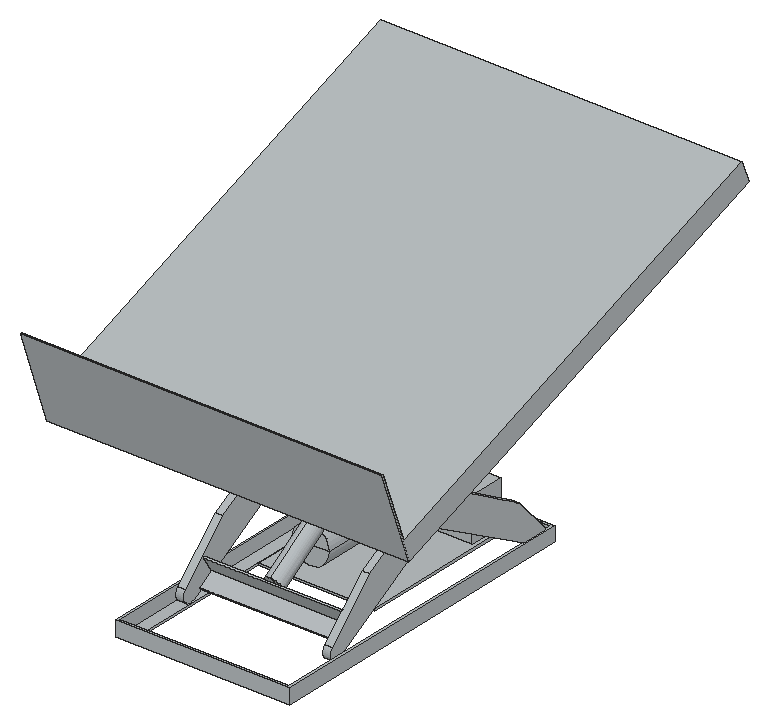
Revit family "DockEquipment_LiftTiltTable_Pentalift_LTNI", category Specialty Equipment, Revit 2026
Family settings
  Round Connector Dimension = Use Diameter
  Part Type = Normal
  Work Plane-Based = Yes
  Enable Cutting in Views = No
  Always vertical = No
  Cut with Voids When Loaded = No
  Maintain Annotation Orientation = No
  Shared = No
  Room Calculation Point = No
Parameters
  offset [instance] = 0' - 0"
  Warranty Duration (Years) = 0
  Unit Width = 2' - 0"
  Unit Length = 4' - 0"
  URL = "http://www.pentalift.com/index.php"
  Table Angle [instance] = 20.00°
  Support Angle [instance] = asin((Platform Height - 0' 3 1/4") / Leg Length)  # 32.7085°
  Specification = ""
  SpecWizard = ""
  Send Message = "http://www.arcat.com/users.pl?action=UserEmail&company=Pentalift Equipment Corp.&coid=34752&rep=119&fax=519-763-2894&mf="
  Sales Information = "http://www.pentalift.com/about-us.htm"
  Revision = "R1_01-2012"
  Product Properties = ""
  Product Data = "http://www.arcat.com/arcatcos/cos34/arc34752.html"
  Platform Width [instance] = 4' - 0"
  Platform Length [instance] = 5' - 0"
  Platform Height [instance] = 2' - 0"
  Model = "As Specified"
  Material [instance] = Metal - Steel - Pentalift - Painted - Gray
  Manufacturer Website = "http://www.pentalift.com/index.php"
  Manufacturer Phone - Toll Free = ""
  Manufacturer Phone = "519-763-3625 "
  Manufacturer Fax = "519-763-2894"
  Manufacturer Address = "21 Nicholas Beaver Rd. Guelph, ON, Canada N1H 6H9 "
  Manufacturer = "Pentalift Equipment Corp."
  Maintenance Schedule (Months) = 0
  LegDist [instance] = Leg Length * cos(Support Angle)  # 2' - 8.31095"
  Leg Length = Unit Length * 0.8  # 3' - 2.4"
  Keynote = "11160"
  Installation-Fabrication = ""
  Installation Phase = ""
  Green Building-LEED = ""
  Expected Lifespan (Years) = 0
  Drawn By = "Sumex Design, Inc. / Robert S. Weygant, CSI, CDT, SCIP"
  Description = "Pentalift Dock Equipment as Specified"
  Default Elevation = 4' - 0"
  Copyright = "©Arcat Inc."
  Construction Details = "http://www.arcat.com/details/pentalif/pentalif.html?coid=34752"
  Capacity (Weight) = 0.00 kip
  Backstop Height = 1' - 0"
  Assembly Code = "E1030300"
Reference planes (in)
  plane 1 "Center (Front/Back)": y = 0
  plane 2 "Bottom": z = 0
  plane 3 "Center (Left/Right)": x = 0
  plane 4 "Front": y = -24
  plane 5 "Back": y = 24
  plane 6 "Left": x = -12
  plane 7 "Right": x = 12
  plane 8 "Top": z = 24
  plane 9: x = -11.5
  plane 10: x = 11.5
  plane 11: y = 22
  plane 12: y = -22
  plane 13: z = 1.75
  plane 14: z = 21
  plane 15: x = 6
  plane 16: z = 3
  plane 17: x = -24
  plane 18: x = 24
  plane 19: y = 30
  plane 20: y = -30
  plane 21: y = -12.56095
  plane 22: y = 19.75
  plane 23: z = 22.5
Forms (in)
  Sweep 1, solid, material "Metal - Steel - Pentalift - Painted - Gray" <- "Material"
    path origin (0, 0, 0) x (1, 0, 0) y (0, 1, 0)
      loop
        line (-11.5, 22) -> (-11.5, -22) -> (11.5, -22) -> (11.5, 22) -> (-11.5, 22)
    profile origin (0, 22, 0) x (0, 1, 0) y (0, 0, 1)
      loop
        line (-0.25, 2) -> (-0.25, 0.25) -> (-2, 0.25) -> (-2, 0) -> (0, 0) -> (0, 2) -> (-0.25, 2)
  Extrusion 2, solid, material "Metal - Steel - Pentalift - Painted - Gray" <- "Material"
    sketch origin (0, 0, 0) x (1, 0, 0) y (0, 1, 0)
      loop
        line (-9.5, 20) -> (-9.5, -1) -> (6, -1) -> (6, 20) -> (-9.5, 20)
    from 0 to 0.25
  Extrusion 3, solid, material "Metal - Steel - Pentalift - Painted - Gray" <- "Material"
    sketch origin (0, 0, 0) x (1, 0, 0) y (0, 1, 0)
      loop
        line (-7.84171, 20.65517) -> (-7.84171, 10.90517) -> (-1.34171, 10.90517) -> (-1.34171, 20.65517) -> (-7.84171, 20.65517)
    from 0 to 6
  Extrusion 4, solid, material "Metal - Steel - Pentalift - Painted - Gray" <- "Material"
    sketch origin (0, 0, 0) x (1, 0, 0) y (0, 1, 0)
      loop
        line (-0.69495, 20.80406) -> (-0.69495, 16.05406) -> (5.30505, 16.05406) -> (5.30505, 20.80406) -> (-0.69495, 20.80406)
    from 0 to 6
  Revolve 5, solid, material "Metal - Steel - Pentalift - Painted - Gray" <- "Material"
    sketch origin (0, 16.05406, 3) x (-1, 0, 0) y (0, -1, 0)
      loop
        line (4.59171, 5.14889) -> (4.59171, 14.39889) -> (2.09171, 14.39889) -> (2.09171, 8.64889) -> (2.34171, 8.64889) -> (2.34171, 5.14889) -> (4.59171, 5.14889)
      axis (4.59171, 5.14889) -> (4.59171, 14.39889)
    angle from 0 to 360
Lines and regions (in)
  reference lines
    curve 1: line (0, -12.56095, 22.5) -> (0, 21.26798, 34.81273)
Dimensions and locks (in)
  equal spacing: plane 6 "Left", plane 3 "Center (Left/Right)", plane 7 "Right"
  "Unit Width": plane 6 "Left" to plane 7 "Right"
  equal spacing: plane 5 "Back", plane 1 "Center (Front/Back)", plane 4 "Front"
  "Unit Length": plane 5 "Back" to plane 4 "Front"
  "Platform Height": plane 8 "Top" to level
  locked: plane 10 to plane 7 "Right" at 0.5
  locked: plane 6 "Left" to plane 9 at 0.5
  locked: plane 12 to plane 4 "Front" at 2
  plane 5 "Back" to plane 11 = 0' - 2"
  locked: plane 13 to level at 1.75
  locked: plane 8 "Top" to plane 14 at 3
  locked: plane 6 "Left" to plane 15 at 18
  equal spacing: plane 20, plane 1 "Center (Front/Back)", plane 19
  equal spacing: plane 17, plane 3 "Center (Left/Right)", plane 18
  "Platform Width": plane 17 to plane 18
  "Platform Length": plane 19 to plane 20
  locked: plane 11 to plane 22 at 2.25
  "LegDist": plane 22 to plane 21
  locked: plane 8 "Top" to plane 23 at 1.5
  "Table Angle": angle curve 1 to plane 23
  aligned and locked: plane 1 "Center (Front/Back)" to nested 1
  aligned and locked: nested 1 to plane 3 "Center (Left/Right)"
Automatic sketch dimensions
  Sweep 1 sketch curve to plane 9 = 0' - 0"
  Sweep 1 sketch curve to plane 10 = 0' - 0"
  Sweep 1 sketch curve to plane 12 = 0' - 0"
  Sweep 1 sketch curve to plane 11 = 0' - 0"
  Sweep 1 sketch curve to level = 0' - 0"
  Sweep 1 sketch curve to profile plane = 0' - 0"
  Sweep 1 sketch curve to Sweep 1 sketch curve = 0' - 0 1/4"
  Sweep 1 sketch curve to Sweep 1 sketch curve = 0' - 1 3/4"  (x2)
  level to Sweep 1 sketch curve = 0' - 0 1/4"
  Extrusion 2 sketch curve to plane 15 = 0' - 0"
  plane 9 to Extrusion 2 sketch curve = 0' - 2"
  Extrusion 2 sketch curve to plane 11 = 1' - 11"
  Extrusion 2 sketch curve to plane 11 = 0' - 2"
  plane 9 to Extrusion 3 sketch curve = 0' - 3.65829"
  Extrusion 3 sketch curve to Extrusion 3 sketch curve = 0' - 6 1/2"
  Extrusion 3 sketch curve to plane 11 = 0' - 11.09483"
  Extrusion 3 sketch curve to plane 11 = 0' - 1.34483"
  Extrusion 4 sketch curve to plane 15 = 0' - 6.69495"
  Extrusion 4 sketch curve to plane 15 = 0' - 0.69495"
  Extrusion 4 sketch curve to plane 1 "Center (Front/Back)" = 1' - 4.05406"
  Extrusion 4 sketch curve to plane 11 = 0' - 1.19594"
  Revolve 5 sketch curve to plane 15 = 0' - 8.09171"
  Revolve 5 sketch curve to Revolve 5 sketch curve = 0' - 0 1/4"
  Revolve 5 sketch curve to Revolve 5 sketch curve = 0' - 2 1/2"
  Revolve 5 sketch curve to Revolve 5 sketch curve = 0' - 0"
  Revolve 5 sketch curve to plane 11 = 0' - 9.84483"
  Revolve 5 sketch curve to Revolve 5 sketch curve = 0' - 1 1/4"
  Revolve 5 sketch curve to Revolve 5 sketch curve = 0' - 3 1/2"
  Revolve 5 sketch curve to Revolve 5 sketch curve = 0' - 5 3/4"
  Revolve 5 sketch curve to Revolve 5 sketch curve = 0' - 3"
  curve 1 to plane 21 = 0' - 0"
  curve 1 to plane 23 = 0' - 0"
Nested families (in)
  nested 1: "Scisor_LTNI" at (0, 0, 0), Material <- "Material", Unit Width <- "Unit Width", Unit Length <- "Unit Length", Platform Height <- "Platform Height", Table Angle <- "Table Angle", type "Scisor_LTNI"
    with offset 0' - 0", ll/2 1' - 7.2", lFull 2' - 10.56", Unit Width 2' - 0", Unit Length 4' - 0", Table Angle 20.00°, SupportLength 1' - 5.1923", Support Angle 32.7085°, Platform Height 2' - 0", Material Metal - Steel - Pentalift - Painted - Gray, LegDist 2' - 8.31095", Leg Length 3' - 2.4"
  nested 2: "Platform_LTNI" at (0, 9.99167, 30.70848) x (1, 0, 0) z (0, -0.342, 0.9397), Material <- "Material", Unit Width <- "Platform Width", Unit Length <- "Platform Length", Backstop Height <- "Backstop Height", type "Platform_LTNI"
    with offset 0' - 0", Unit Width 4' - 0", Unit Length 5' - 0", Material Metal - Steel - Pentalift - Painted - Gray
Definition of nested family "Scisor_LTNI"
  Parameters
    offset [instance] = 0' - 0"
    ll/2 [instance] = Leg Length / 2  # 2' - 0"
    lFull [instance] = Leg Length * 0.9  # 3' - 7.2"
    Warranty Duration (Years) = 0
    Unit Width [instance] = 2' - 0"
    Unit Length [instance] = 5' - 0"
    Unit Height = 3' - 6"
    URL = "http://www.pentalift.com/index.php"
    Table Angle [instance] = 30.00°
    SupportLength [instance] = (LegDist / 2) / cos(Table Angle)  # 1' - 11.01041"
    Support Angle [instance] = asin((Platform Height - 0' 3 1/4") / Leg Length)  # 33.8687°
    Specification = ""
    SpecWizard = ""
    Send Message = "http://www.arcat.com/users.pl?action=UserEmail&company=Pentalift Equipment Corp.&coid=34752&rep=119&fax=519-763-2894&mf="
    Sales Information = "http://www.pentalift.com/about-us.htm"
    Revision = "R1_01-2012"
    Product Properties = ""
    Product Data = "http://www.arcat.com/arcatcos/cos34/arc34752.html"
    Platform Height [instance] = 2' - 6"
    Model = "As Specified"
    Material [instance] = none
    Manufacturer Website = "http://www.pentalift.com/index.php"
    Manufacturer Phone - Toll Free = ""
    Manufacturer Phone = "519-763-3625 "
    Manufacturer Fax = "519-763-2894"
    Manufacturer Address = "21 Nicholas Beaver Rd. Guelph, ON, Canada N1H 6H9 "
    Manufacturer = "Pentalift Equipment Corp."
    Maintenance Schedule (Months) = 0
    LegDist [instance] = Leg Length * cos(Support Angle)  # 3' - 3.85521"
    Leg Length [instance] = Unit Length * 0.8  # 4' - 0"
    Keynote = "11160"
    Installation-Fabrication = ""
    Installation Phase = ""
    Green Building-LEED = ""
    Expected Lifespan (Years) = 0
    Drawn By = "Sumex Design, Inc. / Robert S. Weygant, CSI, CDT, SCIP"
    Description = "Pentalift Dock Equipment as Specified"
    Default Elevation = 4' - 0"
    Copyright = "©Arcat Inc."
    Construction Details = "http://www.arcat.com/details/pentalif/pentalif.html?coid=34752"
    Capacity (Weight) = 0.00 kip
    Assembly Code = "E1030300"
  Reference planes (in)
    plane 1 "Center (Front/Back)": y = 0
    plane 2 "Bottom": z = 0
    plane 3 "Center (Left/Right)": x = 0
    plane 4 "Front": y = -30
    plane 5 "Back": y = 30
    plane 6 "Left": x = -12
    plane 7 "Right": x = 12
    plane 8 "Top": z = 30
    plane 9: x = -11.25
    plane 10: x = 11.25
    plane 11: y = 27.5
    plane 12: y = -26.25
    plane 13: z = 1.75
    plane 14: y = 25.75
    plane 15: z = 28.5
  Forms (in)
    Extrusion 1, solid, material <- "Material"
      sketch origin (0, 26.47299, 28.30054) x (0, -0.830317, -0.557292) y (0, 0.557292, -0.830317)
        loop
          line (43.68915, 0.43147) -> (43.68915, -2.35058) -> (43.93915, -2.35058) -> (43.93915, 0.18147) -> (46.18915, 0.18147) -> (46.18915, 0.43147) -> (43.68915, 0.43147)
      from -9.25 to 9.25
    Extrusion 2, solid, material <- "Material"
      sketch origin (0, 25.693, 4.07064) x (0, -0.830317, 0.557292) y (0, -0.557292, -0.830317)
        loop
          line (20.1594, 0.64511) -> (22.6594, 0.64511) -> (22.6594, 3.14511) -> (20.1594, 3.14511) -> (20.1594, 0.64511)
      from -9.25 to 9.25
    Revolve 3, solid, material <- "Material"
      sketch origin (0, 21.32985, 24.31929) x (0, -0.830317, -0.557292) y (0, 0.557292, -0.830317)
        loop
          line (18, -2.508) -> (37.2, -2.508) -> (37.2, -1.30043) -> (27.6, -1.30043) -> (27.6, -1.80043) -> (18, -1.80043) -> (18, -2.508)
        axis (18, -2.508) -> (37.2, -2.508)
      angle from 0 to 360
    Extrusion 4, solid, material <- "Material"
      sketch origin (0, 25.75, 28.5) x (0, -0.866025, 0.5) y (0, -0.5, -0.866025)
        loop
          line (-0.6218, -0.75) -> (23.01041, -0.75) -> (23.01041, 0.75) -> (-0.6218, 0.75) -> (-0.6218, -0.75)
      from -10.25 to -10.75
    Extrusion 5, solid, material <- "Material"
      sketch origin (0, 25.75, 28.5) x (0, -0.866025, 0.5) y (0, -0.5, -0.866025)
        loop
          line (-0.6218, -0.75) -> (23.01041, -0.75) -> (23.01041, 0.75) -> (-0.6218, 0.75) -> (-0.6218, -0.75)
      from 10.25 to 10.75
  Lines and regions (in)
    reference lines
      curve 1: line (0, 25.75, 28.5) -> (0, -50.63915, -22.77083)
      curve 2: line (0, 25.75, 1.75) -> (0, -58.94231, 58.59375)
      curve 3: line (0, 25.75, 28.5) -> (0, 0.63526, 43)
  Dimensions and locks (in)
    equal spacing: plane 6 "Left", plane 3 "Center (Left/Right)", plane 7 "Right"
    "Unit Width": plane 6 "Left" to plane 7 "Right"
    equal spacing: plane 5 "Back", plane 1 "Center (Front/Back)", plane 4 "Front"
    "Unit Length": plane 5 "Back" to plane 4 "Front"
    "Platform Height": plane 8 "Top" to level
    locked: plane 10 to plane 7 "Right" at 0.75
    locked: plane 6 "Left" to plane 9 at 0.75
    locked: plane 12 to plane 4 "Front" at 3.75
    locked: plane 5 "Back" to plane 11 at 2.5
    locked: plane 13 to level at 1.75
    locked: plane 11 to plane 14 at 1.75
    locked: plane 8 "Top" to plane 15 at 1.5
    locked: plane 10 to Extrusion 1 at 2
    locked: plane 9 to Extrusion 1 at 2
    locked: plane 9 to Extrusion 2 at 2
    locked: plane 10 to Extrusion 2 at 2
    locked: nested 1 to plane 9 at 1
    locked: nested 2 to plane 10 at 1
    locked: Extrusion 2 sketch curve to Extrusion 2 sketch curve at 2.5
    "ll/2": Extrusion 2 sketch curve to curve 2
    "ll/2": Revolve 3 sketch curve to curve 1
    "lFull": Revolve 3 sketch curve to curve 1
    equal spacing: Revolve 3 sketch curve, Revolve 3 sketch curve, Revolve 3 sketch curve
    Extrusion 1 sketch curve to Extrusion 1 sketch curve to Extrusion 1 sketch curve = 0' - 2 1/4" locked, 0' - 0 1/4" locked
    "lFull": Extrusion 1 sketch curve to curve 1
    "SupportLength": curve 3 to Extrusion 4 sketch curve
    locked: Extrusion 4 to plane 9 at 1
    locked: Extrusion 4 to plane 9 at 0.5
    locked: Extrusion 5 to plane 10 at 1
    locked: Extrusion 5 to plane 10 at 0.5
    "SupportLength": curve 3 to Extrusion 5 sketch curve
    "Support Angle": angle curve 1 to plane 15
    "Support Angle": angle plane 13 to curve 2
    "Table Angle": angle plane 15 to curve 3
    aligned and locked: plane 9 to nested 3
    aligned and locked: plane 10 to nested 4
  Automatic sketch dimensions
    curve 2 to Extrusion 2 sketch curve = 0' - 1 1/4"
    Extrusion 2 sketch curve to curve 2 = 0' - 1 1/4"
    curve 1 to Revolve 3 sketch curve = 0' - 0.79243"
    Revolve 3 sketch curve to Revolve 3 sketch curve = 0' - 4.76149"
    curve 1 to Revolve 3 sketch curve = 0' - 0.29243"
    curve 1 to Revolve 3 sketch curve = 0' - 1 1/2"
    Revolve 3 sketch curve to Revolve 3 sketch curve = 0' - 0.50049"
    Revolve 3 sketch curve to Revolve 3 sketch curve = 0' - 0"
    Extrusion 1 sketch curve to curve 1 = 0' - 1"
    Extrusion 1 sketch curve to curve 1 = 0' - 0 3/4"
    curve 1 to Extrusion 1 sketch curve = 0' - 1.78204"
    curve 2 to plane 13 = 0' - 0"
    curve 2 to plane 14 = 0' - 0"
    curve 1 to plane 14 = 0' - 0"
    curve 3 to plane 15 = 0' - 0"
    Extrusion 4 sketch curve to curve 3 = 0' - 0.6218"
    Extrusion 4 sketch curve to curve 3 = 0' - 0 3/4"
    curve 3 to Extrusion 4 sketch curve = 0' - 0 3/4"
    Extrusion 5 sketch curve to curve 3 = 0' - 0.6218"
    Extrusion 5 sketch curve to curve 3 = 0' - 0 3/4"  (x2)
  Nested families (in)
    nested 1: "Leg_Pro" at (-10.25, 25.75, 28.5) x (0, -0.8303, -0.5573) z (1, 0, 0), Material <- "Material", Length <- "Leg Length", type "Leg_Pro"
      with Material none, Length 4' - 0"
    nested 2: "Leg_Pro" at (9.25, 25.75, 28.5) x (0, -0.8303, -0.5573) z (1, 0, 0), Material <- "Material", Length <- "Leg Length", type "Leg_Pro"
      with Material none, Length 4' - 0"
    nested 3: "Leg_Pro" at (-11.25, 25.75, 1.75) x (0, -0.8303, 0.5573) z (1, 0, 0), Material <- "Material", Length <- "Leg Length", type "Leg_Pro"
      with Material none, Length 4' - 0"
    nested 4: "Leg_Pro" at (10.25, 25.75, 1.75) x (0, -0.8303, 0.5573) z (1, 0, 0), Material <- "Material", Length <- "Leg Length", type "Leg_Pro"
      with Material none, Length 4' - 0"
  Definition of nested family "Leg_Pro"
    Parameters
      Material [instance] = none
      Length [instance] = 4' - 0"
      Depth = 0' - 1"
      Default Elevation = 4' - 0"
    Reference planes (in)
      plane 1 "Center (Front/Back)": y = 0
      plane 2: z = 0
      plane 3 "Center (Left/Right)": x = 0
      plane 4: x = 48
      plane 5: x = 39.67703
      plane 6: x = 5.79364
    Forms (in)
      Extrusion 1, solid, material <- "Material"
        sketch origin (0, 0, 0) x (1, 0, 0) y (0, 1, 0)
          loop
            line (48.04166, 1.0743) -> (5.79364, 2.69657) -> (-0.28001, 1.00595)
            arc (-0.28001, 1.00595) -> (-1.03752, -0.11787) -> (-0.04722, -1.04313) r 1.0442
            line (-0.04722, -1.04313) -> (39.67703, -2.82273) -> (48.21816, -1.05274)
            arc (48.21816, -1.05274) -> (49.07143, 0.08891) -> (48.04166, 1.0743) r 1.07511
        from 0 to 1
    Dimensions and locks (in)
      locked: plane 3 "Center (Left/Right)" to plane 6 at 5.79364
      locked: plane 5 to plane 4 at 8.32297
      "Length": plane 3 "Center (Left/Right)" to plane 4
      "Depth": Extrusion 1 to level
    Automatic sketch dimensions
      Extrusion 1 sketch curve to plane 1 "Center (Front/Back)" = 0' - 0"  (x2)
      Extrusion 1 sketch curve to plane 3 "Center (Left/Right)" = 0' - 0"
      Extrusion 1 sketch curve to plane 6 = 0' - 0"
      Extrusion 1 sketch curve to plane 5 = 0' - 0"
      Extrusion 1 sketch curve to plane 4 = 0' - 0"
      Extrusion 1 sketch curve to plane 3 "Center (Left/Right)" = 0' - 0.04722"
      Extrusion 1 sketch curve to plane 3 "Center (Left/Right)" = 0' - 0.28001"
      plane 4 to Extrusion 1 sketch curve = 0' - 0.04166"
      plane 4 to Extrusion 1 sketch curve = 0' - 0.21816"
      plane 1 "Center (Front/Back)" to Extrusion 1 sketch curve = 0' - 1.04313"
      plane 1 "Center (Front/Back)" to Extrusion 1 sketch curve = 0' - 1.05274"
      plane 1 "Center (Front/Back)" to Extrusion 1 sketch curve = 0' - 2.82273"
      Extrusion 1 sketch curve to plane 1 "Center (Front/Back)" = 0' - 2.69657"
Definition of nested family "Platform_LTNI"
  Parameters
    offset [instance] = 0' - 0"
    Warranty Duration (Years) = 0
    Unit Width [instance] = 3' - 8"
    Unit Length [instance] = 4' - 0"
    URL = "http://www.pentalift.com/index.php"
    Specification = ""
    SpecWizard = ""
    SideWidth = 0' - 8"
    Send Message = "http://www.arcat.com/users.pl?action=UserEmail&company=Pentalift Equipment Corp.&coid=34752&rep=119&fax=519-763-2894&mf="
    Sales Information = "http://www.pentalift.com/about-us.htm"
    Revision = "R1_01-2012"
    Product Properties = ""
    Product Data = "http://www.arcat.com/arcatcos/cos34/arc34752.html"
    Model = "As Specified"
    Material [instance] = none
    Manufacturer Website = "http://www.pentalift.com/index.php"
    Manufacturer Phone - Toll Free = ""
    Manufacturer Phone = "519-763-3625 "
    Manufacturer Fax = "519-763-2894"
    Manufacturer Address = "21 Nicholas Beaver Rd. Guelph, ON, Canada N1H 6H9 "
    Manufacturer = "Pentalift Equipment Corp."
    Maintenance Schedule (Months) = 0
    Keynote = "11160"
    Installation-Fabrication = ""
    Installation Phase = ""
    Green Building-LEED = ""
    Expected Lifespan (Years) = 0
    Drawn By = "Sumex Design, Inc. / Robert S. Weygant, CSI, CDT, SCIP"
    Description = "Pentalift Dock Equipment as Specified"
    Default Elevation = 4' - 0"
    Copyright = "©Arcat Inc."
    Construction Details = "http://www.arcat.com/details/pentalif/pentalif.html?coid=34752"
    Capacity (Weight) = 0.00 kip
    Backstop Height [instance] = 1' - 0"
    Assembly Code = "E1030300"
  Reference planes (in)
    plane 1 "Center (Front/Back)": y = 0
    plane 2 "Bottom": z = 0
    plane 3 "Center (Left/Right)": x = 0
    plane 4 "Front": y = -24
    plane 5 "Back": y = 24
    plane 6 "Left": x = -22
    plane 7 "Right": x = 22
    plane 8 "Top": z = 0
    plane 9: z = 12
  Forms (in)
    Extrusion 1, solid, material <- "Material"
      sketch origin (-43.59721, -180, 0) x (-1, 0, 0) y (0, -1, 0)
        loop
          line (-21.59721, -204) -> (-21.59721, -156) -> (-65.59721, -156) -> (-65.59721, -204) -> (-21.59721, -204)
      from -1 to 2
    Extrusion 2, solid, material <- "Material"
      sketch origin (-43.59721, -180, 0) x (-1, 0, 0) y (0, -1, 0)
        loop
          line (-21.59721, -156) -> (-65.59721, -156) -> (-65.59721, -156.25) -> (-21.59721, -156.25) -> (-21.59721, -156)
      from 0 to 12
  Cuts and joins
    joined: Extrusion 1, Extrusion 2
  Dimensions and locks (in)
    equal spacing: plane 6 "Left", plane 3 "Center (Left/Right)", plane 7 "Right"
    "Unit Width": plane 6 "Left" to plane 7 "Right"
    equal spacing: plane 5 "Back", plane 1 "Center (Front/Back)", plane 4 "Front"
    "Unit Length": plane 5 "Back" to plane 4 "Front"
    "Backstop Height": plane 9 to plane 8 "Top"
    aligned and locked: plane 9 to Extrusion 2
  Automatic sketch dimensions
    Extrusion 1 sketch curve to plane 5 "Back" = 0' - 0"
    Extrusion 1 sketch curve to plane 7 "Right" = 0' - 0"
    Extrusion 1 sketch curve to plane 4 "Front" = 0' - 0"
    Extrusion 1 sketch curve to plane 6 "Left" = 0' - 0"
    Extrusion 2 sketch curve to plane 4 "Front" = 0' - 0"
    Extrusion 2 sketch curve to plane 7 "Right" = 0' - 0"
    Extrusion 2 sketch curve to plane 6 "Left" = 0' - 0"
    Extrusion 2 sketch curve to Extrusion 2 sketch curve = 0' - 0 1/4"
